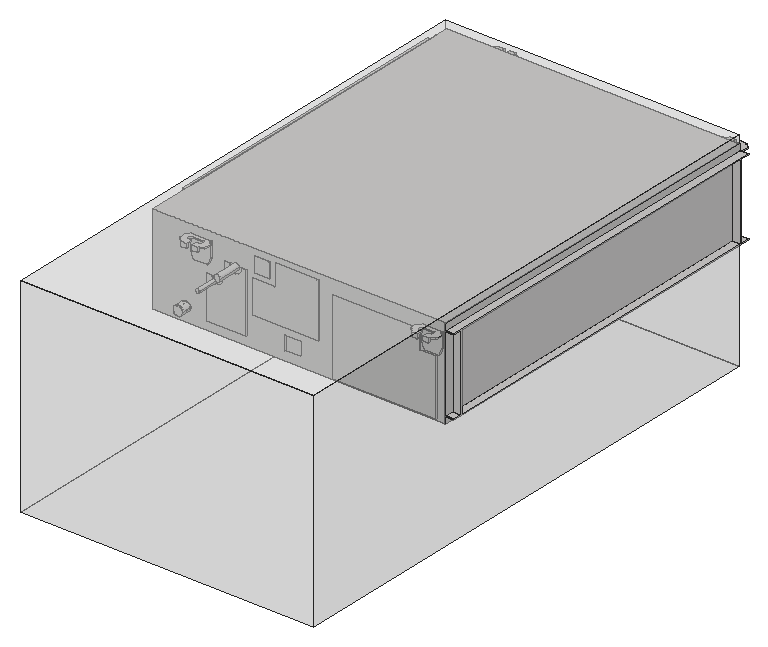
Revit family "outputfile", category 機械設備, Revit 2024
Family settings
  丸型コネクタ寸法 = 半径を使用
  パーツ タイプ = 標準
  OmniClass 番号 = 23.75.10.24.21.27.27
  OmniClass タイトル = Split System Air Conditioning Units
  作業面ベース = いいえ
  常に垂直 = はい
  ロード時にボイドで切り取り = いいえ
  注釈の向きを維持 = いいえ
  共有 = いいえ
  部屋計算ポイント = はい
Parameters (values of type "FBFC71DVMG")
  Description = ""
  製造元 = "Daikin"
  書き出し IFC クラス(タイプ) = "IfcUnitaryEquipmentType"
  定義済み IFC タイプ(タイプ) = "AIRCONDITIONINGUNIT"
  Cost = 0
  モデル = "FBFC71DVMG"
  Type Comments = ""
  Keynote = ""
  Type Image = (empty or 0)
  Assembly Code = ""
  switch_frequency = yes
  r_Liquid Pipe Size = Liquid Pipe Size / 2  # 4.75 mm
  r_Gas Pipe Size = Gas Pipe Size / 2  # 7.95 mm
  r_Drain Pipe Size = Drain Pipe Size / 2  # 12.5 mm
  lw_power = 770.0 mm  # constant formula
  lh_SA = 138.0 mm  # constant formula
  lw_SA = if(Depth = 550.0 mm, 225.0 mm, if(Depth = 700.0 mm, 300.0 mm, if(Depth = 1000.0 mm, 450.0 mm, if(Depth = 1400.0 mm, 650.0 mm, 725.0 mm))))  # 450.0 mm
  lw_RA = if(Depth = 550.0 mm, 275.0 mm, if(Depth = 700.0 mm, 349.0 mm, if(Depth = 1000.0 mm, 499.0 mm, if(Depth = 1400.0 mm, 699.0 mm, 775.0 mm))))  # 499.0 mm
  lh_power = 60.0 mm + [h***]  # 60.0 mm
  lh_mountinghole1 = lh_mountinghole + [h***]  # 222.0 mm
  lh_RA = 123.0 mm  # constant formula
  ld_power = Depth / 2  # 500.0 mm
  connector_voltage = Voltage_50Hz  # 230 V
  connector_powerinput = [Power Input (Cooling)]  # 0.000 kW
  connector_phase = Phase_50Hz  # 1
  Voltage_comment_50Hz = "220 - 240"
  Voltage_50Hz = 230 V
  URL = ""
  Supply Air Direction [instance] = yes
  Sound Power Level_H speed (dB) = 0
  Phase_50Hz = 1
  Minimum External Static Pressure = 40.00 Pa
  Minimum Circuit Amps_50Hz = 0.0 A
  Maximum Fuse Amps_50Hz = 0.0 A
  Maximum External Static Pressure = 140.00 Pa
  Material_Casing = DAIKIN_GalvanizedSteel_Casing_indoorunit
  lw_mountinghole = 630.0 mm  # constant formula
  lh_gaspipe = 183.0 mm + [h***]  # 183.0 mm
  lh_mountinghole = 222.0 mm  # constant formula
  lh_liquidpipe = 136.0 mm + [h***]  # 136.0 mm
  lh_drainpipe = 38.0 mm + [h***]  # 38.0 mm
  lh_antena = Height - lh_mountinghole + 1.0 mm  # 24.0 mm
  ld_drainpipe = Depth / 2 + 26.0 mm  # 526.0 mm
  ld_liquidpipe = Depth / 2 + 69.0 mm  # 569.0 mm
  ld_gaspipe = Depth / 2 + 65.0 mm  # 565.0 mm
  ld_mountinghole = Depth + 38.0 mm  # 1038.0 mm
  h*** = 0.0 mm  # constant formula
  lw_liquidpipe = 179.0 mm  # constant formula
  lw_gaspipe = 229.0 mm  # constant formula
  lw_drainpipe = 91.0 mm  # constant formula
  Width = 800.0 mm
  Version = "ver.1.0"
  Unit Type = "M.S.P. Duct"
  Unit Mass Weight = 36.00 kg
  Unit Designation [instance] = ""
  Uniclass2015Version = "Products v1.30"
  Uniclass2015Title = "Split coil room air conditioning units"
  Uniclass2015Code = "Pr_70_65_03_86"
  Total Cooling Capacity [instance] = 0.000 kW
  Sound Pressure Level_M speed (dBA) = 37
  Sound Pressure Level_L speed (dBA) = 34
  Sound Pressure Level_H speed (dBA) = 39
  Series = "SkyAir_Fan Coil Unit"
  Sensible Cooling Capacity [instance] = 0.000 kW
  SA Duct Size Width = 792.0 mm
  SA Duct Size Height = 176.0 mm
  Refrigerant Type = "R32"
  RA Duct Size Width = 952.0 mm
  RA Duct Size Height = 208.0 mm
  Power Input (Cooling) = 0.000 kW
  Option Accessory 3 [instance] = ""
  Option Accessory 2 [instance] = ""
  Option Accessory 1 [instance] = ""
  Nominal Cooling Capacity = 7.100 kW
  Minimum Airflow = 990.00 m³/h
  Median Airflow = 1200.00 m³/h
  Maximum Airflow = 1500.00 m³/h
  Load Classification = HVAC
  Liquid Pipe Size = 9.5 mm
  Link_Nested Family [instance] = ""
  IfcVersion = ""
  IfcExportType = "AIRCONDITIONINGUNIT"
  IfcExportAs = "IfcUnitaryEquipmentType"
  Height = 245.0 mm
  Heat Exchanger Type = "Cross Fin Coil"
  Gas Pipe Size = 15.9 mm
  Frequency_50Hz = 50 Hz
  Fan Type = "Sirocco Fan"
  Fan Drive = "Direct Drive"
  FCU Tag No. [instance] = ""
  Drain Pipe Size = 25.0 mm
  Design Supply Airflow [instance] = 0.00 m³/h
  Design Return Airflow [instance] = 0.00 m³/h
  Design External Static Pressure [instance] = 0.00 Pa
  Depth = 1000.0 mm
  既定の高さ = 0.0 mm
  Cooling Entering Wet Bulb Temperature [instance] = 0.00 °C
  Cooling Entering Dry Bulb Temperature [instance] = 0.00 °C
  Cooling Ambient Wet Bulb Temperature [instance] = 0.00 °C
  Cooling Ambient Dry Bulb Temperature [instance] = 0.00 °C
  Clearance visibility [instance] = yes
  Clearance Top = 20.0 mm
  Clearance Right = 0.0 mm
  Clearance Rear = 0.0 mm
  Clearance Left = 0.0 mm
  Clearance Front = 450.0 mm
  Clearance Bottom = 300.0 mm
Reference planes
  plane 1 "Center (Front/Back)": y = 0
  plane 2 "h": z = 0
  plane 3 "Center (Left/Right)": x = 0
  plane 4 "Back": y = 500
  plane 5 "Front": y = -500
  plane 6 "Left": x = -400
  plane 7 "Right": x = 400
  plane 8 "Top": z = 0
  plane 9 "Bottom": z = -245
  plane 10: y = -215
  plane 11: y = 500
  plane 12: y = -950
  plane 13: x = -400
  plane 14: x = 400
  plane 15: z = 20
  plane 16: z = -545
  plane 17: x = -400
  plane 18: x = -399
  plane 19: x = 399
  plane 20: y = 50
  plane 21: y = -1
  plane 22: z = -122
  plane 23: y = -501
  plane 24: z = -109
  plane 25: x = -221
  plane 26: y = -565
  plane 27: z = -62
  plane 28: x = -171
  plane 29: y = -526
  plane 30: z = -207
  plane 31: x = -309
  plane 32: x = -309
  plane 33: x = -221
  plane 34: x = -171
  plane 35: x = 370
  plane 36: x = -266
  plane 37: x = 364
  plane 38: y = -519
  plane 39: y = 519
  plane 40: z = -23
  plane 41: z = -107
  plane 42: y = -569
  plane 43: z = -207
  plane 44: x = -309
  plane 45: y = -526
  plane 46: x = -251
  plane 47: x = -203
  plane 48: x = -144
  plane 49: z = -59
  plane 50: z = -106
  plane 51: z = -221
  plane 52: z = -109
  plane 53: x = -221
  plane 54: z = -62
  plane 55: x = -171
  plane 56: z = -17
  plane 57: z = -59
  plane 58: x = -121
  plane 59: x = -79
  plane 60: x = -125
  plane 61: x = -64
  plane 62: x = 53
  plane 63: z = -164
  plane 64: z = -73
  plane 65: z = -16
  plane 66: x = 93.5
  plane 67: x = 374.5
  plane 68: x = 330
  plane 69: z = -88.5
  plane 70: z = -38
  plane 71: z = -242.5
  plane 72: x = -38.5
  plane 73: x = 6.5
  plane 74: z = -181
  plane 75: z = -221
  plane 76: y = -499
  plane 77: x = -424
  plane 78: x = 424
Forms (mm)
  Extrusion 1, solid, material "DAIKIN_GalvanizedSteel_Casing_indoorunit" <- "Material_Casing"
    sketch origin (0, 0, 0) x (1, 0, 0) y (0, 1, 0)
      loop
        line (-399, 500) -> (-399, -500) -> (399, -500) -> (399, 500) -> (-399, 500)
    from -245 to 0
  Extrusion 2, solid, material "DAIKIN_GalvanizedSteel_Casing_indoorunit" <- "Material_Casing"
    sketch origin (0, 0, 0) x (1, 0, 0) y (0, 0, 1)
      loop
        line (-251, -221) -> (-144, -221) -> (-144, -59) -> (-154.47, -59)
        arc (-154.47, -59) -> (-171, -78.8) -> (-187.53, -59) r 16.8
        line (-187.53, -59) -> (-203, -59) -> (-203, -106) -> (-206.916, -106)
        arc (-206.916, -106) -> (-221, -123.4) -> (-235.084, -106) r 14.4
        line (-235.084, -106) -> (-251, -106) -> (-251, -221)
    from 500 to 501
  Extrusion 3, solid, material "DAIKIN_GalvanizedSteel_Casing_indoorunit" <- "Material_Casing"
    sketch origin (0, 0, 0) x (1, 0, 0) y (0, 0, 1)
      loop
        line (-121, -17) -> (-121, -59) -> (-79, -59) -> (-79, -17) -> (-121, -17)
      loop
        line (-125, -73) -> (-125, -164) -> (53, -164) -> (53, -16) -> (-64, -16) -> (-64, -73) -> (-125, -73)
    from 500 to 501
  Extrusion 4, solid, material "DAIKIN_GalvanizedSteel_Casing_indoorunit" <- "Material_Casing"
    sketch origin (0, 0, 0) x (1, 0, 0) y (0, 0, 1)
      loop
        line (93.5, -38) -> (93.5, -242.5) -> (374.5, -242.5) -> (374.5, -88.5) -> (330, -88.5) -> (330, -38) -> (93.5, -38)
    from 500 to 501
  Extrusion 5, solid, material "DAIKIN_GalvanizedSteel_Casing_indoorunit" <- "Material_Casing"
    sketch origin (0, 0, 0) x (1, 0, 0) y (0, 0, 1)
      loop
        circle (-221, -109) r 4.75
    from 500 to 569
  Extrusion 6, solid, material "DAIKIN_GalvanizedSteel_Casing_indoorunit" <- "Material_Casing"
    sketch origin (0, 0, 0) x (1, 0, 0) y (0, 0, 1)
      loop
        circle (-171, -62) r 7.95
    from 500 to 565
  Extrusion 7, solid, material "DAIKIN_GalvanizedSteel_Casing_indoorunit" <- "Material_Casing"
    sketch origin (0, 0, 0) x (1, 0, 0) y (0, 0, 1)
      loop
        circle (-309, -207) r 12.5
    from 501 to 526
  Extrusion 8, solid, material "DAIKIN_GalvanizedSteel_Casing_indoorunit" <- "Material_Casing"
    sketch origin (0, 0, 0) x (1, 0, 0) y (0, 0, 1)
      loop
        circle (-309, -207) r 13
    from 500 to 526
  Extrusion 9, void
    sketch origin (0, 0, 0) x (1, 0, 0) y (0, 0, 1)
      loop
        line (-38.5, -181) -> (-38.5, -221) -> (6.5, -221) -> (6.5, -181) -> (-38.5, -181)
    from 499 to 500
Cuts and joins
  Extrusion 9 cuts Extrusion 1
Dimensions and locks
  "Height": plane 8 "Top" to plane 9 "Bottom"
  equal spacing: plane 4 "Back", plane 1 "Center (Front/Back)", plane 5 "Front"
  "Depth": plane 4 "Back" to plane 5 "Front"
  equal spacing: plane 6 "Left", plane 3 "Center (Left/Right)", plane 7 "Right"
  "Width": plane 6 "Left" to plane 7 "Right"
  "Clearance Left": plane 13 to plane 6 "Left"
  "Clearance Right": plane 7 "Right" to plane 14
  "Clearance Rear": plane 11 to plane 4 "Back"
  "Clearance Front": plane 5 "Front" to plane 12
  "Clearance Top": plane 15 to plane 8 "Top"
  "Clearance Bottom": plane 9 "Bottom" to plane 16
  locked: plane 17 to plane 18 at 1
  locked: plane 19 to plane 14 at 1
  "lw_SA": plane 11 to plane 20
  "lw_RA": plane 21 to plane 5 "Front"
  "lh_RA": plane 22 to plane 9 "Bottom"
  locked: plane 5 "Front" to plane 23 at 1
  "lw_liquidpipe": plane 25 to plane 6 "Left"
  "lh_liquidpipe": plane 24 to plane 9 "Bottom"
  "lh_gaspipe": plane 27 to plane 9 "Bottom"
  "lw_gaspipe": plane 28 to plane 6 "Left"
  "ld_gaspipe": plane 26 to plane 1 "Center (Front/Back)"
  "ld_drainpipe": plane 29 to plane 1 "Center (Front/Back)"
  "lh_drainpipe": plane 30 to plane 9 "Bottom"
  "lw_drainpipe": plane 31 to plane 6 "Left"
  "lw_drainpipe": plane 6 "Left" to plane 32
  "lw_liquidpipe": plane 6 "Left" to plane 33
  "lw_gaspipe": plane 6 "Left" to plane 34
  "lw_power": plane 6 "Left" to plane 35
  locked: plane 17 to plane 36 at 134
  "lw_mountinghole": plane 36 to plane 37
  equal spacing: plane 38, plane 1 "Center (Front/Back)", plane 39
  "ld_mountinghole": plane 39 to plane 38
  "lh_mountinghole": plane 40 to plane 9 "Bottom"
  "lh_SA": plane 41 to plane 9 "Bottom"
  locked: plane 44 to plane 6 "Left" at 91
  locked: plane 43 to plane 9 "Bottom" at 38
  locked: plane 5 "Front" to plane 45 at 26
  plane 48 to plane 47 to plane 46 to plane 6 "Left" = 59.0 mm, 48.0 mm, 149.0 mm
  plane 8 "Top" to plane 49 to plane 50 to plane 51 = 59.0 mm locked, 47.0 mm locked, 115.0 mm locked
  plane 55 to plane 53 to plane 6 "Left" = 50.0 mm locked, 179.0 mm locked
  plane 54 to plane 52 to plane 9 "Bottom" = 47.0 mm locked, 136.0 mm locked
  plane 59 to plane 58 to plane 6 "Left" = 42.0 mm locked, 279.0 mm locked
  plane 8 "Top" to plane 56 to plane 57 = 17.0 mm locked, 42.0 mm locked
  plane 62 to plane 61 to plane 60 to plane 6 "Left" = 117.0 mm, 61.0 mm, 275.0 mm
  plane 8 "Top" to plane 65 to plane 64 = 16.0 mm locked, 57.0 mm locked
  locked: plane 65 to plane 63 at 148
  plane 8 "Top" to plane 70 to plane 69 to plane 71 = 38.0 mm locked, 50.5 mm locked, 154.0 mm locked
  plane 67 to plane 68 to plane 66 to plane 6 "Left" = 44.5 mm locked, 236.5 mm locked, 493.5 mm locked
  plane 8 "Top" to plane 74 to plane 75 = 181.0 mm locked, 40.0 mm locked
  plane 73 to plane 72 to plane 6 "Left" = 45.0 mm, 361.5 mm
  locked: plane 76 to plane 5 "Front" at 1
  locked: plane 77 to plane 17 at 24
  locked: plane 14 to plane 78 at 24
  "ld_liquidpipe": plane 42 to plane 1 "Center (Front/Back)"
  "r_Liquid Pipe Size": radius of Extrusion 5 sketch curve
  "r_Gas Pipe Size": radius of Extrusion 6 sketch curve
  "r_Drain Pipe Size": radius of Extrusion 7 sketch curve
  aligned and locked: level to plane 2 "h"
  aligned and locked: plane 8 "Top" to Extrusion 1
  aligned and locked: Extrusion 1 to plane 9 "Bottom"
  aligned and locked: nested 5 to plane 12
  aligned and locked: plane 13 to nested 5
  aligned and locked: plane 14 to nested 5
  aligned and locked: nested 5 to plane 13
  aligned and locked: plane 11 to nested 5
  aligned and locked: plane 15 to nested 5
  aligned and locked: plane 16 to nested 5
  aligned and locked: plane 5 "Front" to Extrusion 1 sketch curve
  aligned and locked: Extrusion 1 to plane 18
  aligned and locked: plane 19 to Extrusion 1
  aligned and locked: nested 7 to plane 18
  aligned and locked: nested 7 to plane 20
  aligned and locked: plane 19 to nested 8
  aligned and locked: plane 21 to nested 8
  aligned and locked: plane 22 to nested 8
  aligned and locked: Extrusion 2 to plane 23
  aligned and locked: plane 5 "Front" to Extrusion 2
  aligned and locked: Extrusion 3 to plane 23
  aligned and locked: plane 5 "Front" to Extrusion 3
  aligned and locked: plane 5 "Front" to Extrusion 4
  aligned and locked: Extrusion 5 sketch curve to plane 25
  aligned and locked: plane 24 to Extrusion 5 sketch curve
  aligned and locked: plane 5 "Front" to Extrusion 5
  aligned and locked: Extrusion 6 sketch curve to plane 28
  aligned and locked: plane 27 to Extrusion 6 sketch curve
  aligned and locked: plane 5 "Front" to Extrusion 6
  aligned and locked: Extrusion 7 sketch curve to plane 31
  aligned and locked: plane 30 to Extrusion 7 sketch curve
  aligned and locked: Extrusion 7 to plane 29
  aligned and locked: plane 23 to Extrusion 7
  aligned and locked: nested 3 to plane 29
  aligned and locked: plane 32 to nested 3
  aligned and locked: nested 2 to plane 33
  aligned and locked: nested 1 to plane 34
  aligned and locked: Extrusion 6 to plane 26
  aligned and locked: nested 1 to plane 26
  aligned and locked: nested 6 to plane 5 "Front"
  aligned and locked: nested 6 to plane 35
  aligned and locked: plane 36 to nested 10
  aligned and locked: nested 10 to plane 5 "Front"
  aligned and locked: plane 37 to nested 9
  aligned and locked: nested 9 to plane 5 "Front"
  aligned and locked: nested 11 to plane 36
  aligned and locked: plane 4 "Back" to nested 11
  aligned and locked: nested 12 to plane 37
  aligned and locked: plane 4 "Back" to nested 12
  aligned and locked: plane 40 to nested 10
  aligned and locked: plane 40 to nested 11
  aligned and locked: plane 40 to nested 9
  aligned and locked: plane 40 to nested 12
  aligned and locked: plane 36 to nested 14
  aligned and locked: nested 14 to plane 39
  aligned and locked: plane 37 to nested 13
  aligned and locked: nested 13 to plane 39
  aligned and locked: plane 37 to nested 16
  aligned and locked: plane 38 to nested 16
  aligned and locked: plane 38 to nested 15
  aligned and locked: plane 36 to nested 15
  aligned and locked: plane 17 to plane 6 "Left"
  aligned and locked: plane 41 to nested 7
  aligned and locked: Extrusion 5 to plane 42
  aligned and locked: nested 2 to plane 42
  aligned and locked: Extrusion 8 sketch curve to plane 44
  aligned and locked: plane 43 to Extrusion 8 sketch curve
  aligned and locked: plane 5 "Front" to Extrusion 8
  aligned and locked: plane 45 to Extrusion 8
  aligned and locked: Extrusion 3 sketch curve to plane 56
  aligned and locked: Extrusion 3 sketch curve to plane 58
  aligned and locked: plane 57 to Extrusion 3 sketch curve
  aligned and locked: plane 59 to Extrusion 3 sketch curve
  aligned and locked: Extrusion 4 to plane 23
  aligned and locked: Extrusion 9 sketch curve to plane 74
  aligned and locked: plane 75 to Extrusion 9 sketch curve
  aligned and locked: plane 73 to Extrusion 9 sketch curve
  aligned and locked: plane 5 "Front" to Extrusion 9
  aligned and locked: plane 76 to Extrusion 9
  aligned and locked: nested 17 to plane 20
  aligned and locked: nested 17 to plane 77
  aligned and locked: plane 21 to nested 18
  aligned and locked: plane 78 to nested 18
  aligned and locked: plane 41 to nested 17
  aligned and locked: nested 18 to plane 22
  aligned and locked: nested 4 to plane 3 "Center (Left/Right)"
  aligned and locked: plane 1 "Center (Front/Back)" to nested 4
  aligned and locked: level to plane 8 "Top"
Automatic sketch dimensions
  plane 6 "Left" to Extrusion 1 sketch curve = 1.0 mm
  Extrusion 1 sketch curve to plane 7 "Right" = 1.0 mm
  Extrusion 1 sketch curve to plane 4 "Back" = 0.0 mm
  Extrusion 2 sketch curve to plane 46 = 0.0 mm
  Extrusion 2 sketch curve to plane 33 = 0.0 mm
  Extrusion 2 sketch curve to plane 47 = 0.0 mm
  Extrusion 2 sketch curve to plane 34 = 0.0 mm
  Extrusion 2 sketch curve to plane 48 = 0.0 mm
  Extrusion 2 sketch curve to plane 51 = 0.0 mm
  Extrusion 2 sketch curve to plane 52 = 0.0 mm
  Extrusion 2 sketch curve to plane 50 = 0.0 mm  (x3)
  Extrusion 2 sketch curve to plane 54 = 0.0 mm
  Extrusion 2 sketch curve to plane 49 = 0.0 mm  (x3)
  plane 33 to Extrusion 2 sketch curve = 14.084 mm
  plane 34 to Extrusion 2 sketch curve = 16.53 mm
  Extrusion 3 sketch curve to plane 60 = 0.0 mm
  Extrusion 3 sketch curve to plane 61 = 0.0 mm
  Extrusion 3 sketch curve to plane 62 = 0.0 mm
  Extrusion 3 sketch curve to plane 63 = 0.0 mm
  Extrusion 3 sketch curve to plane 64 = 0.0 mm
  Extrusion 3 sketch curve to plane 65 = 0.0 mm
  Extrusion 4 sketch curve to plane 66 = 0.0 mm
  Extrusion 4 sketch curve to plane 68 = 0.0 mm
  Extrusion 4 sketch curve to plane 67 = 0.0 mm
  Extrusion 4 sketch curve to plane 71 = 0.0 mm
  Extrusion 4 sketch curve to plane 69 = 0.0 mm
  Extrusion 4 sketch curve to plane 70 = 0.0 mm
  Extrusion 9 sketch curve to plane 72 = 0.0 mm
  radius of Extrusion 8 sketch curve = 13.0 mm
Nested families
  nested 1: "daikin_connector_rotate2" at (-171, 0, -62), length <- "ld_gaspipe", built-in parameter 1001364 <- "lh_gaspipe", radius <- "r_Gas Pipe Size", type "daikin_connector_rotate2"
    with radius 7.95 mm, length 565.0 mm, angle_vertical 90.00°
  nested 2: "daikin_connector_rotate2" at (-221, 0, -109), length <- "ld_liquidpipe", built-in parameter 1001364 <- "lh_liquidpipe", radius <- "r_Liquid Pipe Size", type "daikin_connector_rotate2"
    with radius 4.75 mm, length 569.0 mm, angle_vertical 90.00°
  nested 3: "daikin_connector_rotate2" at (-309, 0, -207), length <- "ld_drainpipe", built-in parameter 1001364 <- "lh_drainpipe", radius <- "r_Drain Pipe Size", type "daikin_connector_rotate2"
    with radius 12.5 mm, length 526.0 mm, angle_vertical 90.00°
  nested 4: "daikin_△_symbolicline" at (0, 0, 245) x (0, -1, 0) z (0, 0, 1), built-in parameter 1001364 <- "Height", visible <- "Supply Air Direction", type "daikin_△_symbolicline"
    with length 200.0 mm
  nested 5: "daikin_clearancespace" at (0, -225, -262.381), visible <- "Clearance visibility", show <- "Clearance visibility", Link_Nested Family <- "Link_Nested Family", type "daikin_clearancespace"
    with width 800.0 mm, show yes, height 565.0 mm, depth 1450.0 mm, Link_Nested Family ""
  nested 6: "daikin_connector_rotate2" at (370, 0, -185), built-in parameter 1001364 <- "lh_power", length <- "ld_power", type "daikin_connector_rotate2"
    with radius 10.0 mm, length 500.0 mm, angle_vertical 90.00°
  nested 7: "daikin_ductflange_FBFC-DVMG2" at (-399, 50, -107) x (0, -1, 0) z (0, 0, 1), type "daikin_ductflange_FBFC-DVMG2"
    with width 792.0 mm, w 1000.0 mm
  nested 8: "daikin_ductflange_FBFC-DVMG" at (399, -1, -122) x (0, 1, 0) z (0, 0, 1), type "daikin_ductflange_FBFC-DVMG"
    with width 952.0 mm, lw 25.0 mm, w 1000.0 mm
  nested 9: "daikin_hangerfixture_FBFC-DVMG" at (364, -500, -23), type "daikin_hangerfixture_FBFC-DVMG"
  nested 10: "daikin_hangerfixture_FBFC-DVMG" at (-266, -500, -23), type "daikin_hangerfixture_FBFC-DVMG"
  nested 11: "daikin_hangerfixture_FBFC-DVMG" at (-266, 500, -23) x (-1, 0, 0) z (0, 0, 1), type "daikin_hangerfixture_FBFC-DVMG"
  nested 12: "daikin_hangerfixture_FBFC-DVMG" at (364, 500, -23) x (-1, 0, 0) z (0, 0, 1), type "daikin_hangerfixture_FBFC-DVMG"
  nested 13: "daikin_mountinghole" at (364, 519, -245), h_mountinghole <- "lh_mountinghole1", l_antenna <- "lh_antena", Link_Nested Family <- "Link_Nested Family", type "daikin_mountinghole"
    with show yes, l_antenna 24.0 mm, h_mountinghole 222.0 mm, Link_Nested Family ""
  nested 14: "daikin_mountinghole" at (-266, 519, -245), h_mountinghole <- "lh_mountinghole1", l_antenna <- "lh_antena", Link_Nested Family <- "Link_Nested Family", type "daikin_mountinghole"
    with show yes, l_antenna 24.0 mm, h_mountinghole 222.0 mm, Link_Nested Family ""
  nested 15: "daikin_mountinghole" at (-266, -519, -245), h_mountinghole <- "lh_mountinghole1", l_antenna <- "lh_antena", Link_Nested Family <- "Link_Nested Family", type "daikin_mountinghole"
    with show yes, l_antenna 24.0 mm, h_mountinghole 222.0 mm, Link_Nested Family ""
  nested 16: "daikin_mountinghole" at (364, -519, -245), h_mountinghole <- "lh_mountinghole1", l_antenna <- "lh_antena", Link_Nested Family <- "Link_Nested Family", type "daikin_mountinghole"
    with show yes, l_antenna 24.0 mm, h_mountinghole 222.0 mm, Link_Nested Family ""
  nested 17: "daikin_connector_rotate2" at (-400, 50, -107) x (0, -1, 0) z (0, 0, 1), type "daikin_connector_rotate2"
    with radius 10.0 mm, length 24.0 mm, angle_vertical 90.00°
  nested 18: "daikin_connector_rotate2" at (400, -1, -122) x (0, 1, 0) z (0, 0, 1), type "daikin_connector_rotate2"
    with radius 10.0 mm, length 24.0 mm, angle_vertical 90.00°
Connectors
  piping at (-309, -526, -207), diameter 25, driven by "r_Drain Pipe Size"
    settings: on nested 3, index 3, connector inside diameter 609.6 mm, connector length 0.0 mm, flow factor 0, pipe flow 0.00 m³/h, pressure drop 0.0 Pa, fitting loss kfactor 0, connector angle 0.00°, fixture units 0, engagement length 0.0 mm, angle of deflection 0.00°, flow configuration 1, flow direction 2, fitting loss method 4, system type 16, joint type 0, gender type 0, connector reference index -1, connector utility 0, adjustable connector no, is connector primary yes, connector description "Condensate Drain Piping"
  piping at (-171, -565, -62), diameter 15.9, driven by "r_Gas Pipe Size"
    settings: on nested 1, index 4, connector inside diameter 609.6 mm, connector length 0.0 mm, flow factor 0, pipe flow 0.00 m³/h, pressure drop 0.0 Pa, fitting loss kfactor 0, connector angle 0.00°, fixture units 0, engagement length 0.0 mm, angle of deflection 0.00°, flow configuration 1, flow direction 2, fitting loss method 0, system type 29, joint type 0, gender type 0, connector reference index -1, connector utility 0, adjustable connector no, is connector primary no, connector description "Refrigerant Gas Piping"
  piping at (-221, -569, -109), diameter 9.5, driven by "r_Liquid Pipe Size"
    settings: on nested 2, index 5, connector inside diameter 609.6 mm, connector length 0.0 mm, flow factor 0, pipe flow 0.00 m³/h, pressure drop 0.0 Pa, fitting loss kfactor 0, connector angle 0.00°, fixture units 0, engagement length 0.0 mm, angle of deflection 0.00°, flow configuration 1, flow direction 1, fitting loss method 0, system type 29, joint type 0, gender type 0, connector reference index -1, connector utility 0, adjustable connector no, is connector primary no, connector description "Refrigerant Liquid Piping"
  electrical at (370, -500, -185), driven by "Load Classification", driven by "connector_powerinput", driven by "connector_voltage", driven by "connector_phase"
    settings: on nested 6, index 6, voltage 230 V, apparent load 0 VA, apparent load phase1 0 VA, apparent load phase2 0 VA, apparent load phase3 0 VA, power factor 1, load classification "HVAC", number of poles 1, system type 30, power factor state 1, is connector primary yes, connector utility no, sub classification motor no, connector description "Power Supply"
  hvac at (-424, 50, -107), driven by "SA Duct Size Height", driven by "SA Duct Size Width"
    settings: on nested 17, index 7, duct flow 0.00 m³/h, flow factor 0, pres drop 0.00 Pa, loss coef 0, conn angle 0.00°, conn width 792.0 mm, conn height 176.0 mm, conn diameter 609.6 mm, duct sys type 1, conn prof type 1, flow config 0, flow direction 2, loss method 4, conn ref index -1, conn util no, is conn primary yes, conn desc "SA Duct"
  hvac at (424, -1, -122), driven by "RA Duct Size Height", driven by "RA Duct Size Width"
    settings: on nested 18, index 8, duct flow 0.00 m³/h, flow factor 0, pres drop 0.00 Pa, loss coef 0, conn angle 0.00°, conn width 952.0 mm, conn height 208.0 mm, conn diameter 609.6 mm, duct sys type 2, conn prof type 1, flow config 0, flow direction 1, loss method 4, conn ref index -1, conn util no, is conn primary no, conn desc "RA Duct"
Definition of nested family "daikin_clearancespace"
  Parameters (values of type "daikin_clearancespace")
    Description = "daikin_clearancespace"
    width [instance] = 1823.963 mm
    show [instance] = yes
    material = none
    height [instance] = 1359.762 mm
    depth [instance] = 880.0 mm
    Default Elevation = 0.0 mm
    Link_Nested Family [instance] = ""
  Reference planes
    plane 1 "Center (Front/Back)": y = 0
    plane 2 "Center (Elevation)": z = -0.119
    plane 3 "Center (Left/Right)": x = 0
    plane 4: y = 440
    plane 5: y = -440
    plane 6 "Right": x = 911.982
    plane 7 "Left": x = -911.982
    plane 8 "Top": z = 679.762
    plane 9 "Bottom": z = -680
  Forms (mm)
    Extrusion 1, solid, material <- "material", visible <- "show"
      sketch origin (0, 0, 0) x (1, 0, 0) y (0, 1, 0)
        loop
          line (-911.982, 440) -> (-911.982, -440) -> (911.982, -440) -> (911.982, 440) -> (-911.982, 440)
      from -680 to 679.762
  Lines and regions (mm)
    symbolic lines, visible <- "show"
      curve 1: line (911.982, 440, 0) -> (-911.982, 440, 0)
      curve 2: line (-911.982, 440, 0) -> (-911.982, -440, 0)
      curve 3: line (-911.982, -440, 0) -> (911.982, -440, 0)
      curve 4: line (911.982, -440, 0) -> (911.982, 440, 0)
      curve 5: line (911.982, 0, 679.762) -> (-911.982, 0, 679.762)
      curve 6: line (911.982, 0, -680) -> (911.982, 0, 679.762)
      curve 7: line (-911.982, 0, -680) -> (911.982, 0, -680)
      curve 8: line (-911.982, 0, 679.762) -> (-911.982, 0, -680)
      curve 9: line (0, 440, 679.762) -> (0, -440, 679.762)
      curve 10: line (0, -440, 679.762) -> (0, -440, -680)
      curve 11: line (0, 440, -680) -> (0, 440, 679.762)
      curve 12: line (0, -440, -680) -> (0, 440, -680)
  Dimensions and locks
    "width": plane 7 "Left" to plane 6 "Right"
    "depth": plane 4 to plane 5
    "height": plane 8 "Top" to plane 9 "Bottom"
    equal spacing: plane 7 "Left", plane 3 "Center (Left/Right)", plane 6 "Right"
    equal spacing: plane 4, plane 1 "Center (Front/Back)", plane 5
    equal spacing: plane 8 "Top", plane 2 "Center (Elevation)", plane 9 "Bottom"
    aligned and locked: level to plane 2 "Center (Elevation)"
    aligned and locked: Extrusion 1 sketch curve to plane 4
    aligned and locked: plane 7 "Left" to Extrusion 1 sketch curve
    aligned and locked: Extrusion 1 sketch curve to plane 5
    aligned and locked: Extrusion 1 sketch curve to plane 6 "Right"
    aligned and locked: plane 8 "Top" to Extrusion 1
    aligned and locked: curve 1 to Extrusion 1
    aligned and locked: curve 2 to Extrusion 1
    aligned and locked: curve 3 to Extrusion 1
    aligned and locked: curve 4 to Extrusion 1
    aligned and locked: curve 5 to Extrusion 1
    aligned and locked: curve 6 to Extrusion 1
    aligned and locked: curve 7 to Extrusion 1
    aligned and locked: curve 8 to Extrusion 1
    aligned and locked: curve 9 to Extrusion 1
    aligned and locked: curve 10 to Extrusion 1
    aligned and locked: curve 11 to Extrusion 1
    aligned and locked: curve 12 to Extrusion 1
    aligned and locked: Extrusion 1 to plane 9 "Bottom"
Definition of nested family "daikin_ductflange_FBFC-DVMG2"
  Parameters (values of type "daikin_ductflange_FBFC-DVMG2")
    width = if(w = 550.0 mm, 337.0 mm, if(w = 700.0 mm, 492.0 mm, if(w = 1000.0 mm, 792.0 mm, if(w = 1400.0 mm, 1192.0 mm, 1337.0 mm))))  # 1192.0 mm
    material = none
    height = 215.0 mm
    depth = 1.0 mm
    w = 1400.0 mm
    Default Elevation = 0.0 mm
  Reference planes
    plane 1 "Center (Front/Back)": y = 0
    plane 2: z = 0
    plane 3 "Center (Left/Right)": x = 0
    plane 4: z = 88
    plane 5: z = -88
    plane 6: y = -25
    plane 7: z = 106
    plane 8: z = 89
    plane 9: y = -1
    plane 10: x = -617.5
    plane 11: x = 617.5
    plane 12: z = -106
    plane 13: z = -89
    plane 14: y = -1
    plane 15: x = 596
    plane 16: x = -596
    plane 17: x = 597
    plane 18: z = 87
    plane 19: z = -87
    plane 20: x = -597
    plane 21: z = 87
    plane 22: z = -87
    plane 23: y = -1
  Forms (mm)
    Extrusion 1, solid, material <- "material"
      sketch origin (0, 0, 0) x (0, 1, 0) y (0, 0, 1)
        loop
          line (-25, 88) -> (0, 88) -> (0, 106) -> (-1, 106) -> (-1, 89) -> (-25, 89) -> (-25, 88)
      from -617.5 to 617.5
    Extrusion 2, solid, material <- "material"
      sketch origin (0, 0, 0) x (0, 1, 0) y (0, 0, 1)
        loop
          line (-25, -88) -> (-25, -89) -> (-1, -89) -> (-1, -106) -> (0, -106) -> (0, -88) -> (-25, -88)
      from -617.5 to 617.5
    Extrusion 3, solid, material <- "material"
      sketch origin (0, 0, 0) x (1, 0, 0) y (0, 0, 1)
        loop
          line (596, 88) -> (596, -88) -> (617.5, -88) -> (617.5, -87) -> (597, -87) -> (597, 87) -> (617.5, 87) -> (617.5, 88) -> (596, 88)
      from 0 to 25
    Extrusion 4, solid, material <- "material"
      sketch origin (0, 0, 0) x (1, 0, 0) y (0, 0, 1)
        loop
          line (-617.5, 88) -> (-617.5, 87) -> (-597, 87) -> (-597, -87) -> (-617.5, -87) -> (-617.5, -88) -> (-596, -88) -> (-596, 88) -> (-617.5, 88)
      from 0 to 25
    Extrusion 5, solid, material <- "material"
      sketch origin (0, 0, 0) x (1, 0, 0) y (0, 0, 1)
        loop
          line (-617.5, 88) -> (-617.5, -88) -> (-596, -88) -> (-596, 88) -> (-617.5, 88)
        loop
          line (617.5, 88) -> (596, 88) -> (596, -88) -> (617.5, -88) -> (617.5, 88)
      from 0 to 1
  Cuts and joins
    joined: Extrusion 1, Extrusion 2, Extrusion 3, Extrusion 4, Extrusion 5
  Dimensions and locks
    plane 4 to level to plane 5 = 88.0 mm, 88.0 mm
    locked: plane 6 to plane 1 "Center (Front/Back)" at 25
    locked: plane 9 to plane 1 "Center (Front/Back)" at 1
    locked: plane 8 to plane 4 at 1
    locked: plane 16 to plane 10 at 21.5
    locked: plane 17 to plane 15 at 1
    locked: plane 4 to plane 18 at 1
    locked: plane 19 to plane 5 at 1
    "width": plane 15 to plane 16
    plane 4 to plane 5 = 176.0 mm
    locked: plane 16 to plane 20 at 1
    locked: plane 4 to plane 21 at 1
    locked: plane 22 to plane 5 at 1
    locked: plane 23 to plane 1 "Center (Front/Back)" at 1
    plane 4 to level to plane 5 = 88.0 mm locked, 88.0 mm locked
    locked: plane 5 to plane 13 at 1
    locked: plane 5 to plane 12 at 18
    locked: plane 7 to plane 4 at 18
    equal spacing: plane 15, plane 3 "Center (Left/Right)", plane 16
    locked: plane 11 to plane 15 at 21.5
    plane 11 to plane 10 = 1235.0 mm
    aligned and locked: level to plane 2
    aligned and locked: Extrusion 1 to plane 10
    aligned and locked: plane 11 to Extrusion 1
    aligned and locked: plane 5 to Extrusion 2
    aligned and locked: Extrusion 2 to plane 1 "Center (Front/Back)"
    aligned and locked: plane 15 to Extrusion 3 sketch curve
    aligned and locked: Extrusion 3 sketch curve to Extrusion 2  (x2)
    aligned and locked: Extrusion 3 sketch curve to plane 11
    aligned and locked: plane 6 to Extrusion 3
    aligned and locked: Extrusion 2 to plane 10
    aligned and locked: plane 11 to Extrusion 2
    aligned and locked: Extrusion 4 sketch curve to Extrusion 1  (x2)
    aligned and locked: plane 5 to Extrusion 4 sketch curve
    aligned and locked: Extrusion 4 sketch curve to plane 16
    aligned and locked: Extrusion 4 sketch curve to plane 22
    aligned and locked: plane 20 to Extrusion 4 sketch curve
    aligned and locked: plane 21 to Extrusion 4 sketch curve
    aligned and locked: Extrusion 4 to plane 1 "Center (Front/Back)"
    aligned and locked: plane 6 to Extrusion 4
    aligned and locked: Extrusion 5 sketch curve to Extrusion 1  (x4)
    aligned and locked: Extrusion 5 sketch curve to Extrusion 4  (x2)
    aligned and locked: Extrusion 5 sketch curve to Extrusion 3  (x2)
    aligned and locked: Extrusion 5 to plane 1 "Center (Front/Back)"
    aligned and locked: plane 23 to Extrusion 5
  Automatic sketch dimensions
    Extrusion 1 sketch curve to plane 6 = 0.0 mm
    Extrusion 1 sketch curve to plane 7 = 0.0 mm
    Extrusion 1 sketch curve to plane 9 = 0.0 mm
    Extrusion 1 sketch curve to plane 1 "Center (Front/Back)" = 0.0 mm
    Extrusion 1 sketch curve to plane 4 = 0.0 mm
    Extrusion 1 sketch curve to plane 8 = 0.0 mm
    Extrusion 2 sketch curve to plane 6 = 0.0 mm
    plane 12 to Extrusion 2 sketch curve = 0.0 mm
    Extrusion 2 sketch curve to plane 14 = 0.0 mm
    Extrusion 2 sketch curve to plane 1 "Center (Front/Back)" = 0.0 mm
    plane 13 to Extrusion 2 sketch curve = 0.0 mm
    Extrusion 2 sketch curve to plane 5 = 0.0 mm
    Extrusion 3 sketch curve to plane 17 = 0.0 mm
    Extrusion 3 sketch curve to plane 19 = 0.0 mm
    Extrusion 3 sketch curve to plane 18 = 0.0 mm
    Extrusion 3 sketch curve to plane 4 = 0.0 mm
    Extrusion 4 sketch curve to plane 10 = 0.0 mm
Definition of nested family "daikin_ductflange_FBFC-DVMG"
  Parameters (values of type "daikin_ductflange_FBFC-DVMG")
    width = if(w = 550.0 mm, 502.0 mm, if(w = 700.0 mm, 654.0 mm, if(w = 1000.0 mm, 952.0 mm, if(w = 1400.0 mm, 1352.0 mm, 1502.0 mm))))  # 654.0 mm
    material = none
    lw = if(width = 654.0 mm, 23.0 mm, 25.0 mm)  # 23.0 mm
    height = 208.0 mm
    depth = 1.0 mm
    w = 700.0 mm
    Default Elevation = 0.0 mm
  Reference planes
    plane 1 "Center (Front/Back)": y = 0
    plane 2: z = 0
    plane 3 "Center (Left/Right)": x = 0
    plane 4: z = 104
    plane 5: z = -104
    plane 6: y = -25
    plane 7: z = 121
    plane 8: z = 105
    plane 9: y = -1
    plane 10: x = -350
    plane 11: x = 350
    plane 12: z = -122
    plane 13: z = -105
    plane 14: y = -1
    plane 15: x = 327
    plane 16: x = -327
    plane 17: x = 328
    plane 18: z = 103
    plane 19: z = -103
    plane 20: x = -328
    plane 21: z = 103
    plane 22: z = -103
    plane 23: y = -1
  Forms (mm)
    Extrusion 1, solid, material <- "material"
      sketch origin (0, 0, 0) x (0, 1, 0) y (0, 0, 1)
        loop
          line (-25, 104) -> (0, 104) -> (0, 121) -> (-1, 121) -> (-1, 105) -> (-25, 105) -> (-25, 104)
      from -350 to 350
    Extrusion 2, solid, material <- "material"
      sketch origin (0, 0, 0) x (0, 1, 0) y (0, 0, 1)
        loop
          line (-25, -104) -> (-25, -105) -> (-1, -105) -> (-1, -122) -> (0, -122) -> (0, -104) -> (-25, -104)
      from -350 to 350
    Extrusion 3, solid, material <- "material"
      sketch origin (0, 0, 0) x (1, 0, 0) y (0, 0, 1)
        loop
          line (327, 104) -> (327, -104) -> (350, -104) -> (350, -103) -> (328, -103) -> (328, 103) -> (350, 103) -> (350, 104) -> (327, 104)
      from 0 to 25
    Extrusion 4, solid, material <- "material"
      sketch origin (0, 0, 0) x (1, 0, 0) y (0, 0, 1)
        loop
          line (-350, 104) -> (-350, 103) -> (-328, 103) -> (-328, -103) -> (-350, -103) -> (-350, -104) -> (-327, -104) -> (-327, 104) -> (-350, 104)
      from 0 to 25
    Extrusion 5, solid, material <- "material"
      sketch origin (0, 0, 0) x (1, 0, 0) y (0, 0, 1)
        loop
          line (-350, 104) -> (-350, -104) -> (-327, -104) -> (-327, 104) -> (-350, 104)
        loop
          line (350, 104) -> (327, 104) -> (327, -104) -> (350, -104) -> (350, 104)
      from 0 to 1
  Cuts and joins
    joined: Extrusion 1, Extrusion 2, Extrusion 3, Extrusion 4, Extrusion 5
  Dimensions and locks
    plane 4 to level to plane 5 = 104.0 mm, 104.0 mm
    locked: plane 6 to plane 1 "Center (Front/Back)" at 25
    locked: plane 9 to plane 1 "Center (Front/Back)" at 1
    locked: plane 8 to plane 4 at 1
    "lw": plane 11 to plane 15
    "lw": plane 16 to plane 10
    locked: plane 17 to plane 15 at 1
    locked: plane 4 to plane 18 at 1
    locked: plane 19 to plane 5 at 1
    "width": plane 15 to plane 16
    equal spacing: plane 15, plane 3 "Center (Left/Right)", plane 16
    locked: plane 16 to plane 20 at 1
    locked: plane 4 to plane 21 at 1
    locked: plane 22 to plane 5 at 1
    locked: plane 23 to plane 1 "Center (Front/Back)" at 1
    locked: plane 7 to plane 4 at 17
    locked: plane 1 "Center (Front/Back)" to plane 14 at 1
    locked: plane 5 to plane 13 at 1
    "height": plane 4 to plane 5
    plane 11 to plane 10 = 700.0 mm
    locked: plane 12 to plane 13 at 17
    equal spacing: plane 4, level, plane 5
    aligned and locked: level to plane 2
    aligned and locked: Extrusion 1 to plane 10
    aligned and locked: plane 11 to Extrusion 1
    aligned and locked: plane 5 to Extrusion 2
    aligned and locked: Extrusion 2 to plane 1 "Center (Front/Back)"
    aligned and locked: plane 15 to Extrusion 3 sketch curve
    aligned and locked: Extrusion 3 sketch curve to Extrusion 2  (x2)
    aligned and locked: Extrusion 3 sketch curve to plane 11
    aligned and locked: plane 6 to Extrusion 3
    aligned and locked: Extrusion 2 to plane 10
    aligned and locked: plane 11 to Extrusion 2
    aligned and locked: Extrusion 4 sketch curve to Extrusion 1  (x2)
    aligned and locked: plane 5 to Extrusion 4 sketch curve
    aligned and locked: Extrusion 4 sketch curve to plane 16
    aligned and locked: Extrusion 4 sketch curve to plane 22
    aligned and locked: plane 20 to Extrusion 4 sketch curve
    aligned and locked: plane 21 to Extrusion 4 sketch curve
    aligned and locked: Extrusion 4 to plane 1 "Center (Front/Back)"
    aligned and locked: plane 6 to Extrusion 4
    aligned and locked: Extrusion 5 sketch curve to Extrusion 1  (x4)
    aligned and locked: Extrusion 5 sketch curve to Extrusion 4  (x2)
    aligned and locked: Extrusion 5 sketch curve to Extrusion 3  (x2)
    aligned and locked: Extrusion 5 to plane 1 "Center (Front/Back)"
    aligned and locked: plane 23 to Extrusion 5
  Automatic sketch dimensions
    Extrusion 1 sketch curve to plane 6 = 0.0 mm
    Extrusion 1 sketch curve to plane 7 = 0.0 mm
    Extrusion 1 sketch curve to plane 9 = 0.0 mm
    Extrusion 1 sketch curve to plane 1 "Center (Front/Back)" = 0.0 mm
    Extrusion 1 sketch curve to plane 4 = 0.0 mm
    Extrusion 1 sketch curve to plane 8 = 0.0 mm
    Extrusion 2 sketch curve to plane 6 = 0.0 mm
    plane 12 to Extrusion 2 sketch curve = 0.0 mm
    Extrusion 2 sketch curve to plane 14 = 0.0 mm
    Extrusion 2 sketch curve to plane 1 "Center (Front/Back)" = 0.0 mm
    plane 13 to Extrusion 2 sketch curve = 0.0 mm
    Extrusion 2 sketch curve to plane 5 = 0.0 mm
    Extrusion 3 sketch curve to plane 17 = 0.0 mm
    Extrusion 3 sketch curve to plane 19 = 0.0 mm
    Extrusion 3 sketch curve to plane 18 = 0.0 mm
    Extrusion 3 sketch curve to plane 4 = 0.0 mm
    Extrusion 4 sketch curve to plane 10 = 0.0 mm
Definition of nested family "daikin_hangerfixture_FBFC-DVMG"
  Parameters (values of type "daikin_hangerfixture_FXMQ-PAVE")
    width = 72.0 mm
    material = none
    height = 60.0 mm
    depth = 41.0 mm
    Default Elevation = 0.0 mm
  Reference planes
    plane 1 "Center (Front/Back)": y = 0
    plane 2: z = 0
    plane 3 "Center (Left/Right)": x = 0
    plane 4: y = 417.146
    plane 5: y = -41
    plane 6: x = -36
    plane 7: x = 36
    plane 8: z = -2.3
    plane 9: z = -60
    plane 10: y = -2.3
    plane 11: z = -12
    plane 12: y = -38.7
  Forms (mm)
    Extrusion 1, solid, material <- "material"
      sketch origin (0, 0, 0) x (1, 0, 0) y (0, 1, 0)
        loop
          line (-28, 0) -> (-28, -5)
          arc (-28, -5) -> (-29.127, -8.162) -> (-32, -9.899) r 5
          arc (-32, -9.899) -> (-34.873, -11.636) -> (-36, -14.798) r 5
          line (-36, -14.798) -> (-36, -27.178)
          arc (-36, -27.178) -> (-35.429, -29.499) -> (-33.846, -31.289) r 5
          line (-33.846, -31.289) -> (-23, -38.798) -> (-23, -41.098) -> (-6.5, -41.098) -> (-6.5, -28.498)
          arc (-6.5, -28.498) -> (-7.379, -26.377) -> (-9.5, -25.498) r 3
          line (-9.5, -25.498) -> (-13.5, -25.498)
          arc (-13.5, -25.498) -> (-20, -18.998) -> (-13.5, -12.498) r 6.5
          line (-13.5, -12.498) -> (13.5, -12.498)
          arc (13.5, -12.498) -> (20, -18.998) -> (13.5, -25.498) r 6.5
          line (13.5, -25.498) -> (9.5, -25.498)
          arc (9.5, -25.498) -> (7.379, -26.377) -> (6.5, -28.498) r 3
          line (6.5, -28.498) -> (6.5, -41.098) -> (23, -41.098) -> (23, -38.798) -> (33.846, -31.289)
          arc (33.846, -31.289) -> (35.429, -29.499) -> (36, -27.178) r 5
          line (36, -27.178) -> (36, -14.596)
          arc (36, -14.596) -> (34.873, -11.434) -> (32, -9.697) r 5
          arc (32, -9.697) -> (29.127, -7.96) -> (28, -4.798) r 5
          line (28, -4.798) -> (28, 0) -> (-28, 0)
      from 0 to -2.3
    Extrusion 2, solid, material <- "material"
      sketch origin (0, 0, 0) x (1, 0, 0) y (0, 0, 1)
        loop
          line (28, -39.037) -> (28, 0) -> (-28, 0) -> (-28, -39.037)
          arc (-28, -39.037) -> (-27.91, -39.983) -> (-27.642, -40.894) r 5
          line (-27.642, -40.894) -> (-21.257, -56.857)
          arc (-21.257, -56.857) -> (-19.418, -59.14) -> (-16.615, -60) r 5
          line (-16.615, -60) -> (16.615, -60)
          arc (16.615, -60) -> (19.418, -59.14) -> (21.257, -56.857) r 5
          line (21.257, -56.857) -> (27.642, -40.894)
          arc (27.642, -40.894) -> (27.91, -39.983) -> (28, -39.037) r 5
      from 0 to 2.3
    Extrusion 3, solid, material <- "material"
      sketch origin (0, 0, 0) x (1, 0, 0) y (0, 0, 1)
        loop
          line (-23, 0) -> (-23, -9)
          arc (-23, -9) -> (-22.121, -11.121) -> (-20, -12) r 3
          line (-20, -12) -> (-9.5, -12)
          arc (-9.5, -12) -> (-7.379, -11.121) -> (-6.5, -9) r 3
          line (-6.5, -9) -> (-6.5, 0) -> (-23, 0)
        loop
          line (23, 0) -> (6.5, 0) -> (6.5, -9)
          arc (6.5, -9) -> (7.379, -11.121) -> (9.5, -12) r 3
          line (9.5, -12) -> (20, -12)
          arc (20, -12) -> (22.121, -11.121) -> (23, -9) r 3
          line (23, -9) -> (23, 0)
      from 38.8 to 41.098
  Cuts and joins
    joined: Extrusion 1, Extrusion 2, Extrusion 3
  Dimensions and locks
    plane 2 to plane 8 = 2.3 mm
    "height": plane 2 to plane 9
    locked: plane 10 to plane 1 "Center (Front/Back)" at 2.3
    locked: plane 2 to plane 11 at 12
    locked: plane 12 to plane 5 at 2.3
    aligned and locked: level to plane 2
    aligned and locked: Extrusion 1 to plane 8
    aligned and locked: plane 2 to Extrusion 1
    aligned and locked: plane 2 to Extrusion 2 sketch curve
    aligned and locked: Extrusion 2 to plane 10
    aligned and locked: Extrusion 2 to plane 1 "Center (Front/Back)"
    aligned and locked: Extrusion 3 sketch curve to cut or joined group of Extrusion 1, Extrusion 2, Extrusion 3  (x3)
    aligned and locked: cut or joined group of Extrusion 1, Extrusion 2, Extrusion 3 to Extrusion 3
  Automatic sketch dimensions
    Extrusion 2 sketch curve to plane 7 = 8.0 mm
    Extrusion 2 sketch curve to plane 8 = 36.737 mm
    plane 6 to Extrusion 2 sketch curve = 19.385 mm
    Extrusion 1 sketch curve to plane 6 = 0.0 mm
    plane 1 "Center (Front/Back)" to Extrusion 1 sketch curve = 0.0 mm
    Extrusion 1 sketch curve to plane 7 = 0.0 mm
    plane 6 to Extrusion 1 sketch curve = 2.154 mm
    plane 6 to Extrusion 1 sketch curve = 3.0 mm
    Extrusion 1 sketch curve to Extrusion 1 sketch curve = 5.0 mm  (x3)
    Extrusion 1 sketch curve to plane 12 = 0.098 mm  (x2)
    Extrusion 1 sketch curve to Extrusion 1 sketch curve = 4.0 mm  (x2)
    Extrusion 1 sketch curve to plane 5 = 0.098 mm  (x2)
    Extrusion 1 sketch curve to plane 3 "Center (Left/Right)" = 6.5 mm
    plane 3 "Center (Left/Right)" to Extrusion 1 sketch curve = 6.5 mm
    Extrusion 1 sketch curve to Extrusion 1 sketch curve = 3.0 mm
    Extrusion 1 sketch curve to plane 7 = 8.0 mm
    Extrusion 1 sketch curve to plane 7 = 5.0 mm
    Extrusion 1 sketch curve to plane 7 = 3.0 mm
    Extrusion 1 sketch curve to plane 7 = 2.154 mm
    plane 12 to Extrusion 1 sketch curve = 7.411 mm  (x2)
    plane 12 to Extrusion 1 sketch curve = 10.202 mm  (x2)
    Extrusion 1 sketch curve to Extrusion 1 sketch curve = 6.5 mm  (x2)
    Extrusion 1 sketch curve to Extrusion 1 sketch curve = 12.38 mm
    Extrusion 1 sketch curve to plane 10 = 12.296 mm
    Extrusion 1 sketch curve to plane 10 = 2.7 mm
    Extrusion 1 sketch curve to plane 10 = 2.498 mm
    plane 6 to Extrusion 1 sketch curve = 4.0 mm
    Extrusion 1 sketch curve to Extrusion 1 sketch curve = 0.0 mm  (x2)
    Extrusion 1 sketch curve to plane 7 = 4.0 mm
    Extrusion 1 sketch curve to Extrusion 1 sketch curve = 4.111 mm
    Extrusion 3 sketch curve to level = 0.0 mm  (x2)
    Extrusion 3 sketch curve to plane 11 = 0.0 mm  (x2)
    plane 11 to Extrusion 3 sketch curve = 3.0 mm  (x2)
    plane 3 "Center (Left/Right)" to Extrusion 3 sketch curve = 6.5 mm
    Extrusion 3 sketch curve to Extrusion 3 sketch curve = 3.0 mm  (x2)
    Extrusion 2 sketch curve to plane 9 = 0.0 mm
    Extrusion 2 sketch curve to Extrusion 2 sketch curve = 11.385 mm
    plane 6 to Extrusion 2 sketch curve = 8.0 mm
    plane 9 to Extrusion 2 sketch curve = 20.963 mm
    Extrusion 2 sketch curve to Extrusion 2 sketch curve = 5.0 mm  (x2)
    plane 9 to Extrusion 2 sketch curve = 3.143 mm  (x3)
    Extrusion 2 sketch curve to Extrusion 2 sketch curve = 4.642 mm  (x2)
    Extrusion 2 sketch curve to Extrusion 2 sketch curve = 0.0 mm  (x2)
    Extrusion 2 sketch curve to Extrusion 2 sketch curve = 0.358 mm
    Extrusion 2 sketch curve to Extrusion 2 sketch curve = 1.857 mm  (x2)
Definition of nested family "daikin_connector_rotate2"
  Parameters (values of type "daikin_connector_rotate2")
    Default Elevation = 1219.2 mm
    show_face = no
    radius [instance] = 10.0 mm
    length [instance] = 600.0 mm
    d_surface = 10.0 mm
    angle_vertical [instance] = 90.00°
  Reference planes
    plane 1 "Center (Front/Back)": y = 0
    plane 2: z = 0
    plane 3 "Center (Left/Right)": x = 0
  Forms (mm)
    Extrusion 1, solid, visible <- "show_face"
      sketch origin (0, -600, 0) x (1, 0, 0) y (0, 0, 1)
        loop
          circle (0, 0) r 10
      from 0 to -10
  Lines and regions (mm)
    reference lines
      curve 1: line (0, 0, 0) -> (0, -600, 0)
    symbolic lines
      curve 2: circle (0, 0, 0) r 5 normal (0, 0, 1)
    model lines, visible <- "show_face"
      curve 3: line (0, 0, 0) -> (0, -600, 0)
  Dimensions and locks
    "length": curve 1 to curve 1
    "length": curve 3 to curve 3
    "d_surface": Extrusion 1 to Extrusion 1
    "radius": radius of Extrusion 1 sketch curve
    "angle_vertical": angle curve 1 to plane 1 "Center (Front/Back)"
    "angle_vertical": angle curve 3 to plane 1 "Center (Front/Back)"
    aligned and locked: level to plane 2
    aligned and locked: plane 1 "Center (Front/Back)" to curve 1
    aligned and locked: plane 2 to curve 1
    aligned and locked: plane 1 "Center (Front/Back)" to curve 2
    aligned and locked: plane 3 "Center (Left/Right)" to curve 2
    aligned and locked: plane 1 "Center (Front/Back)" to curve 3
    aligned and locked: plane 2 to curve 3
    aligned and locked: Extrusion 1 to Extrusion 1
  Automatic sketch dimensions
    Extrusion 1 sketch curve to level = 0.0 mm
    Extrusion 1 sketch curve to plane 3 "Center (Left/Right)" = 0.0 mm
    radius of curve 2 = 5.0 mm
Definition of nested family "daikin_△_symbolicline"
  Parameters (values of type "daikin_△_symbolicline")
    length [instance] = 200.0 mm
    Default Elevation = 0.0 mm
  Reference planes
    plane 1 "Center (Front/Back)": y = 0
    plane 2: z = 0
    plane 3 "Center (Left/Right)": x = 0
  Lines and regions (mm)
    symbolic lines
      curve 1: line (0, -173.205, 0) -> (100, 0, 0)
      curve 2: line (100, 0, 0) -> (-100, 0, 0)
      curve 3: line (-100, 0, 0) -> (0, -173.205, 0)
  Dimensions and locks
    equal spacing: curve 3, plane 3 "Center (Left/Right)", curve 2
    "length": curve 3 to curve 2
    "length": curve 3 to curve 3
    "length": curve 1 to curve 1
    aligned and locked: level to plane 2
    aligned and locked: curve 2 to plane 1 "Center (Front/Back)"
    aligned and locked: plane 3 "Center (Left/Right)" to curve 3
Definition of nested family "daikin_mountinghole"
  Parameters (values of type "daikin_mountinghole")
    Default Elevation = 1219.2 mm
    Type Comments = "mountinghole"
    show [instance] = yes
    material = none
    l_centerline = 100.0 mm
    l_antenna [instance] = 100.0 mm
    h_mountinghole [instance] = 0.0 mm
    d_circle = 30.0 mm
    Link_Nested Family [instance] = ""
  Reference planes
    plane 1 "Center (Front/Back)": y = 0
    plane 2: z = 0
    plane 3 "Center (Left/Right)": x = 0
    plane 4: y = 50
    plane 5: x = -50
    plane 6: x = 50
    plane 7: y = -50
    plane 8 "h_mountinghole": z = 0
    plane 9: z = 100
  Lines and regions (mm)
    model lines, detail levels fine
      curve 1: circle (0, 0, 0) r 15 normal (0, 0, 1)
      curve 2: line (-50, 0, 0) -> (50, 0, 0)
      curve 3: line (0, 50, 0) -> (0, -50, 0)
    symbolic lines, detail levels fine
      curve 4: circle (0, 0, 0) r 15 normal (0, 0, 1)
      curve 5: line (-50, 0, 0) -> (50, 0, 0)
      curve 6: line (0, 50, 0) -> (0, -50, 0)
    model lines
      curve 7: line (0, 0, 100) -> (0, 0, 0)
  Dimensions and locks
    equal spacing: plane 4, plane 1 "Center (Front/Back)", plane 7
    "l_centerline": plane 4 to plane 7
    equal spacing: plane 5, plane 3 "Center (Left/Right)", plane 6
    "l_centerline": plane 5 to plane 6
    "l_antenna": plane 9 to plane 8 "h_mountinghole"
    "h_mountinghole": plane 8 "h_mountinghole" to plane 2
    "d_circle": diameter of curve 1
    "d_circle": diameter of curve 4
    aligned and locked: level to plane 2
    aligned and locked: plane 1 "Center (Front/Back)" to curve 1
    aligned and locked: plane 3 "Center (Left/Right)" to curve 1
    aligned and locked: plane 1 "Center (Front/Back)" to curve 2
    aligned and locked: curve 3 to plane 3 "Center (Left/Right)"
    aligned and locked: plane 6 to curve 2
    aligned and locked: plane 5 to curve 2
    aligned and locked: plane 4 to curve 3
    aligned and locked: plane 7 to curve 3
    aligned and locked: plane 1 "Center (Front/Back)" to curve 4
    aligned and locked: plane 3 "Center (Left/Right)" to curve 4
    aligned and locked: plane 6 to curve 5
    aligned and locked: plane 5 to curve 5
    aligned and locked: plane 1 "Center (Front/Back)" to curve 5
    aligned and locked: plane 4 to curve 6
    aligned and locked: plane 7 to curve 6
    aligned and locked: curve 6 to plane 3 "Center (Left/Right)"
    aligned and locked: curve 7 to plane 3 "Center (Left/Right)"
    aligned and locked: plane 9 to curve 7
    aligned and locked: plane 8 "h_mountinghole" to curve 7
